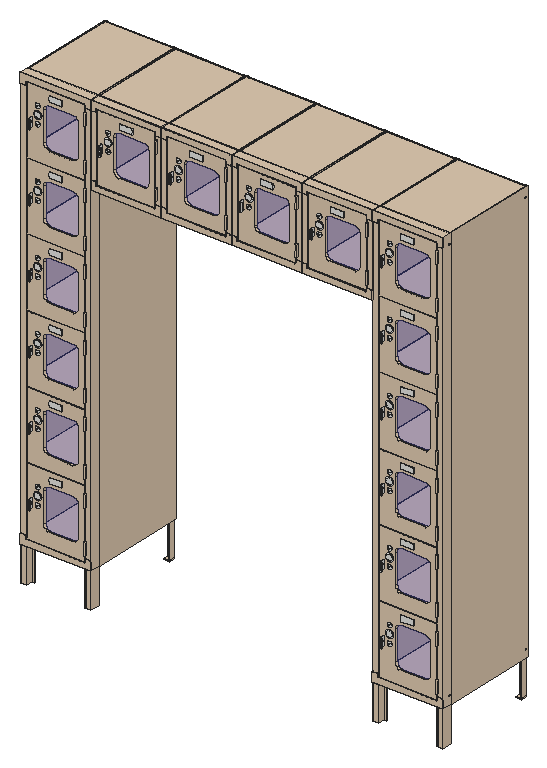
Revit family "Metal_Lockers-Salsbury_Industries-S_66000_Series-Bridge_Unit", category Specialty Equipment, Revit 2016 (continued)
Lines and regions (in)
  symbolic lines
    curve 35: line (-23.01333, -9.005, 77) -> (-13.00667, -9.005, 77)
    curve 36: line (-23.01333, -9.005, 65.24759) -> (-23.01333, -9.005, 77)
    curve 37: line (-13.00667, -9.005, 65.24759) -> (-23.01333, -9.005, 65.24759)
    curve 38: line (-13.00667, -9.005, 77) -> (-13.00667, -9.005, 65.24759)
    curve 39: line (-11.00667, -9.005, 77) -> (-1, -9.005, 77)
    curve 40: line (-11.00667, -9.005, 65.24759) -> (-11.00667, -9.005, 77)
    curve 41: line (-1, -9.005, 65.24759) -> (-11.00667, -9.005, 65.24759)
    curve 42: line (-1, -9.005, 77) -> (-1, -9.005, 65.24759)
    curve 43: line (1, -9.005, 77) -> (11.00667, -9.005, 77)
    curve 44: line (1, -9.005, 65.24759) -> (1, -9.005, 77)
    curve 45: line (11.00667, -9.005, 65.24759) -> (1, -9.005, 65.24759)
    curve 46: line (11.00667, -9.005, 77) -> (11.00667, -9.005, 65.24759)
    curve 47: line (13.00667, -9.005, 77) -> (23.01333, -9.005, 77)
    curve 48: line (13.00667, -9.005, 65.24759) -> (13.00667, -9.005, 77)
    curve 49: line (23.01333, -9.005, 65.24759) -> (13.00667, -9.005, 65.24759)
    curve 50: line (23.01333, -9.005, 77) -> (23.01333, -9.005, 65.24759)
    curve 51: line (-11.00667, -9.005, 65.83963) -> (-13.00667, -9.005, 65.83963)
    curve 52: line (-11.00667, -9.005, 76.40796) -> (-13.00667, -9.005, 76.40796)
    curve 53: line (1, -9.005, 76.40796) -> (-1, -9.005, 76.40796)
    curve 54: line (1, -9.005, 65.83963) -> (-1, -9.005, 65.83963)
    curve 55: line (13.00667, -9.005, 65.83963) -> (11.00667, -9.005, 65.83963)
    curve 56: line (13.00667, -9.005, 76.40796) -> (11.00667, -9.005, 76.40796)
    curve 57: line (24.01333, -9.005, 65.83963) -> (23.01333, -9.005, 65.83963)
    curve 58: line (25.01333, -9.005, 76.40796) -> (23.01333, -9.005, 76.40796)
    curve 59: line (25.01333, -9.005, 77) -> (35.02, -9.005, 77)
    curve 60: line (25.01333, -9.005, 7) -> (25.01333, -9.005, 77)
    curve 61: line (35.02, -9.005, 7) -> (25.01333, -9.005, 7)
    curve 62: line (35.02, -9.005, 77) -> (35.02, -9.005, 7)
    curve 63: line (36.02, -9.005, 7.59204) -> (35.02, -9.005, 7.59204)
    curve 64: line (36.02, -9.005, 76.40796) -> (35.02, -9.005, 76.40796)
    curve 65: line (24.01333, -9.005, 7.59204) -> (25.01333, -9.005, 7.59204)
    curve 66: line (-24.01333, -9.005, 60.68452) -> (24.01333, -9.005, 60.68452)
    curve 67: line (-24.01333, -9.005, 59.68447) -> (24.01333, -9.005, 59.68447)
    curve 68: line (36.02, -9.005, 78) -> (36.02, 9.005, 78)
    curve 69: line (36.02, -9.005, 6) -> (36.02, -9.005, 78)
    curve 70: line (36.02, 9.005, 6) -> (36.02, -9.005, 6)
    curve 71: line (36.02, 9.005, 78) -> (36.02, 9.005, 6)
    curve 72: line (-36.02, 9.005, 78) -> (36.02, 9.005, 78)
    curve 73: line (-36.02, -9.065, 78) -> (-36.02, 9.005, 78)
    curve 74: line (36.02, -9.065, 78) -> (-36.02, -9.065, 78)
    curve 75: line (36.02, 9.005, 78) -> (36.02, -9.065, 78)
    curve 76: line (-36.06, 8.45181, 78) -> (-36.06, 8.55819, 78)
    curve 77: line (-36.06, 8.55819, 78) -> (-36.02, 8.68902, 78)
    curve 78: line (-36.06, 8.45181, 78) -> (-36.02, 8.31231, 78)
    curve 79: line (-36.06, -7.80819, 78) -> (-36.06, -7.70181, 78)
    curve 80: line (-36.06, -7.80819, 78) -> (-36.02, -7.93902, 78)
    curve 81: line (-36.06, -7.70181, 78) -> (-36.02, -7.5691, 78)
    curve 82: line (36.06, -7.80819, 78) -> (36.06, -7.70181, 78)
    curve 83: line (36.06, -7.70181, 78) -> (36.02, -7.5699, 78)
    curve 84: line (36.06, -7.80819, 78) -> (36.02, -7.93902, 78)
    curve 85: line (36.06, 8.45181, 78) -> (36.06, 8.55819, 78)
    curve 86: line (36.06, 8.55819, 78) -> (36.02, 8.68902, 78)
    curve 87: line (36.06, 8.45181, 78) -> (36.02, 8.32098, 78)
    curve 88: line (-36.02, -7.417, 78) -> (36.02, -7.417, 78)
Dimensions and locks (in)
  equal spacing: plane 7 "Left Side of Unit", plane 3 "Center (Left/Right)", plane 8 "Right Side of Unit"
  "Width": plane 7 "Left Side of Unit" to plane 8 "Right Side of Unit"
  "Base Height": plane 5 "Bottom of Unit" to plane 4 "Floor"
  "Height": plane 6 "Top of Unit" to plane 5 "Bottom of Unit"
  "Unit Height including Base Only": plane 6 "Top of Unit" to plane 4 "Floor"
  equal spacing: plane 10 "Front of Unit", plane 1 "Center (Front/Back)", plane 9 "Back of Unit"
  "Depth": plane 10 "Front of Unit" to plane 9 "Back of Unit"
  "Sloping Hood Height": plane 11 "Top of Sloping Hood" to plane 6 "Top of Unit"
  "Overall Unit Height (including Base and Sloping Hood)": plane 11 "Top of Sloping Hood" to plane 4 "Floor"
  locked: plane 12 "Left Rivet" to plane 7 "Left Side of Unit" at 0.04
  locked: plane 8 "Right Side of Unit" to plane 13 "Right Rivet" at 0.04
  "Overall Width including Rivets": plane 12 "Left Rivet" to plane 13 "Right Rivet"
  plane 6 "Top of Unit" to plane 16 "Top of Door Opening" to plane 30 "Top of Door 1" = 1.000" locked, 0.09024"
  plane 31 "Bottom of Bottom Door" to plane 17 "Bottom of Door Opening" to plane 5 "Bottom of Unit" = 0.09027", 1.000" locked
  plane 7 "Left Side of Unit" to plane 15 "Left Side of Door Opening" to plane 28 "Left Side of Door" = 1.000" locked, 0.06971"
  plane 29 "Right Side of Door" to plane 14 "Right Side of Door Opening" to plane 8 "Right Side of Unit" = 0.06974", 1.000" locked
  plane 19 "Front Plate Plane" to plane 10 "Front of Unit" to plane 18 "Back Edge of Front Facing" = 0.060" locked, 1.588" locked
  "Unit Height including Sloping Hood Only": plane 11 "Top of Sloping Hood" to plane 5 "Bottom of Unit"
  locked: plane 20 "Horizontal Center of Top Rivets" to plane 6 "Top of Unit" at 1.5
  locked: plane 5 "Bottom of Unit" to plane 21 "Horiz Center of Bottom Rivets" at 1.5
  locked: plane 22 "Vertical Center of Back Rivets" to plane 9 "Back of Unit" at 0.5
  locked: plane 10 "Front of Unit" to plane 23 "Vertical Center of Front Rivets" at 1.25
  locked: plane 24 "Right Align Top Filler Overlap" to plane 13 "Right Rivet" at 0.625
  locked: plane 12 "Left Rivet" to plane 25 "Left Align Top Filler Overlap" at 0.625
  locked: plane 8 "Right Side of Unit" to plane 27 "Corner Filler Align-Right" at 0.06
  locked: plane 26 "Corner Filler Align-Left" to plane 7 "Left Side of Unit" at 0.06
  plane 37 to plane 36 = 0.063"
  plane 34 to plane 32 = 0.063"
  plane 35 to plane 33 = 0.063"
  plane 36 to plane 40 = 0.063"
  plane 33 to plane 39 = 0.063"
  plane 32 to plane 38 = 0.063"
  plane 7 "Left Side of Unit" to plane 41 = 0.351"
  plane 42 to plane 8 "Right Side of Unit" = 0.351"
  plane 45 to plane 44 to plane 43 = 0.063", 0.063"
  plane 48 to plane 47 to plane 46 = 0.063", 0.063"
  equal spacing: plane 30 "Top of Door 1", plane 47, plane 44, plane 36, plane 33, plane 32, plane 31 "Bottom of Bottom Door"
  plane 7 "Left Side of Unit" to plane 51 "Right Side of Unit 1" to plane 49 "Vertical Divider 1 and 2" to plane 3 "Center (Left/Right)" to plane 50 "Vertical Divider 2 and 3" to plane 52 "Left Side of Unit 2" to plane 8 "Right Side of Unit" = 12.00667", 12.00667", 12.00667", 12.00667", 12.00667", 12.00667"
  plane 54 to plane 53 = 0.070"
  plane 55 to plane 56 = 0.070"
  plane 57 to plane 58 = 0.070"
  plane 59 to plane 60 = 0.070"
  plane 6 "Top of Unit" to plane 48 to plane 62 "Bottom of Door Opening-Horiztonal" to plane 61 "Bottom of Horizontal Section" to plane 63 "Center or Coat Rod" = 12.66382", 0.08858", 1.000", 4.063"
  "Individual Door Width": plane 28 "Left Side of Door" to plane 64
  "Individual Door Height": plane 38 to plane 31 "Bottom of Bottom Door"
  locked: plane 69 "Compartment Align 1" to plane 62 "Bottom of Door Opening-Horiztonal" at 0.5
  locked: plane 65 "Compartment Align 2" to plane 44 at 0.5
  locked: plane 66 "Compartment Align 3" to plane 36 at 0.5
  locked: plane 67 "Compartment Align 4" to plane 33 at 0.5
  locked: plane 68 "Compartment Align 5" to plane 32 at 0.5
  plane 6 "Top of Unit" to plane 87 to plane 88 to plane 80 to plane 79 = 0.060" locked, 0.73501" locked, 0.20499" locked, 0.59204" locked
  plane 90 to plane 89 to plane 69 "Compartment Align 1" = 0.73501" locked, 0.060" locked
  plane 92 to plane 91 to plane 65 "Compartment Align 2" = 0.73501" locked, 0.060" locked
  plane 94 to plane 93 to plane 66 "Compartment Align 3" = 0.73501" locked, 0.060" locked
  plane 96 to plane 95 to plane 67 "Compartment Align 4" = 0.73501" locked, 0.060" locked
  plane 98 to plane 97 to plane 68 "Compartment Align 5" = 0.73501" locked, 0.060" locked
  plane 100 to plane 99 to plane 86 = 0.73501" locked, 0.0796" locked
  plane 138 to plane 139 to plane 5 "Bottom of Unit" = 0.59204", 1.000"
  plane 6 "Top of Unit" to plane 87 to plane 88 to nested 10 to plane 79 = 0.060", 0.73501", 0.15999", 0.63704"
  plane 85 to plane 86 to plane 5 "Bottom of Unit" = 0.59204", 1.000"
  plane 140 to plane 61 "Bottom of Horizontal Section" = 1.59204"
  plane 90 to plane 61 "Bottom of Horizontal Section" = 0.70499"
  plane 147 to plane 150 = 0.075"
  plane 142 to plane 151 = 0.075"
  plane 144 to plane 152 = 0.075"
  plane 146 to plane 153 = 0.075"
  plane 155 to plane 63 "Center or Coat Rod" to plane 156 = 0.49992", 0.50013"
  aligned and locked: level to plane 2
  aligned and locked: Extrusion 2 to plane 6 "Top of Unit"
  aligned and locked: Extrusion 3 to plane 6 "Top of Unit"
  aligned and locked: Extrusion 4 to plane 6 "Top of Unit"
  aligned and locked: Extrusion 9 to plane 10 "Front of Unit"
  aligned and locked: Extrusion 10 to plane 10 "Front of Unit"
  aligned and locked: Extrusion 6 to plane 17 "Bottom of Door Opening"
  aligned and locked: plane 4 "Floor" to nested 2
  aligned and locked: plane 5 "Bottom of Unit" to Extrusion 10
  aligned and locked: Blend 11 to plane 13 "Right Rivet"
  aligned and locked: plane 8 "Right Side of Unit" to Blend 11
  aligned and locked: Blend 16 to plane 7 "Left Side of Unit"
  aligned and locked: Blend 15 to plane 7 "Left Side of Unit"  (x2)
  aligned and locked: plane 12 "Left Rivet" to Blend 15
  aligned and locked: plane 12 "Left Rivet" to Blend 16
  aligned and locked: Blend 15 to plane 12 "Left Rivet"
  aligned and locked: Blend 18 to plane 7 "Left Side of Unit"
  aligned and locked: plane 12 "Left Rivet" to Blend 18
  aligned and locked: Blend 17 to plane 7 "Left Side of Unit"
  aligned and locked: plane 12 "Left Rivet" to Blend 17
  aligned and locked: plane 5 "Bottom of Unit" to nested 5
  aligned and locked: plane 13 "Right Rivet" to nested 5
  aligned and locked: plane 12 "Left Rivet" to nested 6
  aligned and locked: nested 6 to plane 10 "Front of Unit"
  aligned and locked: plane 13 "Right Rivet" to nested 7
  aligned and locked: plane 10 "Front of Unit" to nested 7
  aligned and locked: plane 12 "Left Rivet" to nested 8
  aligned and locked: plane 10 "Front of Unit" to nested 8
  aligned and locked: plane 6 "Top of Unit" to nested 8
  aligned and locked: plane 6 "Top of Unit" to nested 9
  aligned and locked: nested 9 to plane 19 "Front Plate Plane"
  aligned and locked: nested 9 to plane 24 "Right Align Top Filler Overlap"
  aligned and locked: nested 10 to plane 25 "Left Align Top Filler Overlap"
  aligned and locked: nested 10 to plane 19 "Front Plate Plane"
  aligned and locked: nested 5 to nested 10
  aligned and locked: plane 19 "Front Plate Plane" to nested 11
  aligned and locked: plane 6 "Top of Unit" to nested 11
  aligned and locked: nested 12 to plane 6 "Top of Unit"
  aligned and locked: plane 19 "Front Plate Plane" to nested 12
  aligned and locked: nested 13 to plane 24 "Right Align Top Filler Overlap"
  aligned and locked: nested 13 to plane 19 "Front Plate Plane"
  aligned and locked: plane 16 "Top of Door Opening" to nested 13
  aligned and locked: nested 14 to plane 16 "Top of Door Opening"
  aligned and locked: nested 14 to plane 25 "Left Align Top Filler Overlap"
  aligned and locked: plane 19 "Front Plate Plane" to nested 14
  aligned and locked: nested 6 to plane 6 "Top of Unit"
  aligned and locked: plane 10 "Front of Unit" to nested 5
  aligned and locked: plane 10 "Front of Unit" to nested 1
  aligned and locked: plane 10 "Front of Unit" to nested 2
  aligned and locked: plane 10 "Front of Unit" to nested 17
  aligned and locked: plane 10 "Front of Unit" to nested 18
  aligned and locked: plane 7 "Left Side of Unit" to nested 12
  aligned and locked: plane 8 "Right Side of Unit" to nested 11
  aligned and locked: nested 16 to curve 1
  aligned and locked: nested 15 to curve 1
  aligned and locked: nested 20 to plane 48
  aligned and locked: plane 10 "Front of Unit" to nested 19
  aligned and locked: plane 10 "Front of Unit" to nested 20
  aligned and locked: plane 10 "Front of Unit" to nested 27
  aligned and locked: plane 10 "Front of Unit" to nested 21
  aligned and locked: plane 10 "Front of Unit" to nested 28
  aligned and locked: plane 10 "Front of Unit" to nested 22
  aligned and locked: plane 10 "Front of Unit" to nested 29
  aligned and locked: plane 10 "Front of Unit" to nested 23
  aligned and locked: plane 10 "Front of Unit" to nested 30
  aligned and locked: plane 10 "Front of Unit" to nested 24
  aligned and locked: plane 10 "Front of Unit" to nested 31
  aligned and locked: plane 10 "Front of Unit" to nested 25
  aligned and locked: plane 10 "Front of Unit" to nested 32
  aligned and locked: plane 10 "Front of Unit" to nested 26
  aligned and locked: plane 28 "Left Side of Door" to nested 21
  aligned and locked: plane 28 "Left Side of Door" to nested 22
  aligned and locked: plane 28 "Left Side of Door" to nested 23
  aligned and locked: plane 28 "Left Side of Door" to nested 24
  aligned and locked: plane 28 "Left Side of Door" to nested 25
  aligned and locked: plane 28 "Left Side of Door" to nested 26
  aligned and locked: plane 29 "Right Side of Door" to nested 27
  aligned and locked: plane 29 "Right Side of Door" to nested 28
  aligned and locked: plane 29 "Right Side of Door" to nested 29
  aligned and locked: plane 29 "Right Side of Door" to nested 30
  aligned and locked: plane 29 "Right Side of Door" to nested 31
  aligned and locked: plane 29 "Right Side of Door" to nested 32
  aligned and locked: plane 8 "Right Side of Unit" to nested 15
  aligned and locked: nested 16 to plane 7 "Left Side of Unit"
  aligned and locked: nested 19 to plane 48
  aligned and locked: nested 18 to plane 48
  aligned and locked: nested 17 to plane 48
  aligned and locked: Sweep 47 sketch curve to Extrusion 46
  aligned and locked: Sweep 61 sketch curve to Extrusion 60
  aligned and locked: plane 6 "Top of Unit" to nested 35
  aligned and locked: plane 6 "Top of Unit" to nested 7
  aligned and locked: plane 10 "Front of Unit" to nested 33
  aligned and locked: Sweep 75 sketch curve to Extrusion 74
  aligned and locked: Sweep 77 sketch curve to Extrusion 76
  aligned and locked: Sweep 79 sketch curve to Extrusion 78
  aligned and locked: Sweep 83 sketch curve to Extrusion 82
  aligned and locked: Sweep 87 sketch curve to Extrusion 86
  aligned and locked: Sweep 91 sketch curve to Extrusion 90
  aligned and locked: plane 53 to nested 20
  aligned and locked: plane 56 to nested 19
  aligned and locked: plane 58 to nested 18
  aligned and locked: plane 60 to nested 17
  aligned and locked: plane 8 "Right Side of Unit" to Blend 14
  aligned and locked: Blend 14 to plane 13 "Right Rivet"
  aligned and locked: plane 4 "Floor" to nested 34
  aligned and locked: plane 52 "Left Side of Unit 2" to nested 34
  aligned and locked: plane 4 "Floor" to nested 1
  aligned and locked: plane 51 "Right Side of Unit 1" to nested 1
  aligned and locked: plane 10 "Front of Unit" to nested 34
  aligned and locked: plane 70 to Extrusion 36
  aligned and locked: plane 71 to Extrusion 39
  aligned and locked: plane 72 to Extrusion 39
  aligned and locked: Extrusion 34 to plane 9 "Back of Unit"
  aligned and locked: Extrusion 34 sketch curve to plane 9 "Back of Unit"
  aligned and locked: plane 70 to Extrusion 34 sketch curve
  aligned and locked: Extrusion 34 sketch curve to plane 18 "Back Edge of Front Facing"
  aligned and locked: plane 75 to Extrusion 34 sketch curve
  aligned and locked: Extrusion 34 sketch curve to plane 73
  aligned and locked: Extrusion 34 sketch curve to plane 8 "Right Side of Unit"
  aligned and locked: Extrusion 36 sketch curve to plane 71
  aligned and locked: Extrusion 36 sketch curve to plane 70
  aligned and locked: plane 72 to Extrusion 36 sketch curve
  aligned and locked: plane 73 to Extrusion 36 sketch curve
  aligned and locked: Extrusion 36 sketch curve to plane 74
  aligned and locked: Extrusion 36 sketch curve to plane 72
  aligned and locked: plane 77 to Extrusion 35 sketch curve
  aligned and locked: Extrusion 35 sketch curve to plane 78
  aligned and locked: Extrusion 35 sketch curve to plane 52 "Left Side of Unit 2"
  aligned and locked: plane 9 "Back of Unit" to Extrusion 35 sketch curve
  aligned and locked: Extrusion 35 sketch curve to plane 70
  aligned and locked: plane 18 "Back Edge of Front Facing" to Extrusion 35 sketch curve
  aligned and locked: plane 5 "Bottom of Unit" to Extrusion 34
  aligned and locked: Extrusion 34 to plane 6 "Top of Unit"
  aligned and locked: Extrusion 36 to plane 5 "Bottom of Unit"
  aligned and locked: Extrusion 36 to plane 6 "Top of Unit"
  aligned and locked: plane 5 "Bottom of Unit" to Extrusion 35
  aligned and locked: Extrusion 35 to plane 6 "Top of Unit"
  aligned and locked: Sweep 20 sketch curve to profile plane
  aligned and locked: profile plane to Sweep 20 sketch curve
  aligned and locked: plane 18 "Back Edge of Front Facing" to Sweep 20 sketch curve
  aligned and locked: Sweep 20 sketch curve to plane 16 "Top of Door Opening"
  aligned and locked: Sweep 20 sketch curve to plane 5 "Bottom of Unit"
  aligned and locked: Sweep 20 sketch curve to plane 52 "Left Side of Unit 2"
  aligned and locked: plane 8 "Right Side of Unit" to Sweep 20 sketch curve
  aligned and locked: plane 6 "Top of Unit" to Sweep 20 sketch curve
  aligned and locked: plane 6 "Top of Unit" to Extrusion 29 sketch curve
  aligned and locked: plane 80 to Extrusion 29 sketch curve
  aligned and locked: plane 79 to Extrusion 29 sketch curve
  aligned and locked: Extrusion 29 sketch curve to plane 81
  aligned and locked: plane 8 "Right Side of Unit" to Extrusion 29 sketch curve
  aligned and locked: Extrusion 29 sketch curve to plane 79
  aligned and locked: Extrusion 29 sketch curve to plane 82
  aligned and locked: plane 52 "Left Side of Unit 2" to Extrusion 29 sketch curve
  aligned and locked: Extrusion 29 to plane 10 "Front of Unit"
  aligned and locked: plane 19 "Front Plate Plane" to Extrusion 29
  aligned and locked: Extrusion 30 to plane 10 "Front of Unit"
  aligned and locked: plane 19 "Front Plate Plane" to Extrusion 30
  aligned and locked: plane 85 to Extrusion 30 sketch curve
  aligned and locked: plane 86 to Extrusion 30 sketch curve
  aligned and locked: plane 5 "Bottom of Unit" to Extrusion 30 sketch curve
  aligned and locked: Extrusion 30 sketch curve to plane 52 "Left Side of Unit 2"
  aligned and locked: plane 84 to Extrusion 30 sketch curve
  aligned and locked: plane 83 to Extrusion 30 sketch curve
  aligned and locked: Extrusion 30 sketch curve to plane 8 "Right Side of Unit"
  aligned and locked: plane 71 to Sweep 40 sketch curve
  aligned and locked: Sweep 40 sketch curve to plane 72  (x2)
  aligned and locked: Sweep 40 sketch curve to plane 18 "Back Edge of Front Facing"
  aligned and locked: Sweep 40 sketch curve to plane 78
  aligned and locked: Sweep 40 sketch curve to plane 76
  aligned and locked: plane 74 to Sweep 40 sketch curve
  aligned and locked: plane 73 to Sweep 40 sketch curve
  aligned and locked: plane 6 "Top of Unit" to Extrusion 39 sketch curve
  aligned and locked: plane 87 to Extrusion 39
  aligned and locked: plane 87 to Sweep 40 sketch curve
  aligned and locked: Sweep 40 sketch curve to plane 88
  aligned and locked: plane 76 to Sweep 40 sketch curve
  aligned and locked: profile plane to Sweep 40 sketch curve
  aligned and locked: plane 88 to Sweep 40
  aligned and locked: Sweep 40 to plane 87
  aligned and locked: Extrusion 39 to plane 6 "Top of Unit"
  aligned and locked: plane 78 to Extrusion 39 sketch curve
  aligned and locked: plane 76 to Extrusion 39 sketch curve
  aligned and locked: plane 72 to Extrusion 39 sketch curve  (x2)
  aligned and locked: Extrusion 39 sketch curve to plane 71
  aligned and locked: Extrusion 39 sketch curve to plane 74
  aligned and locked: Extrusion 39 sketch curve to plane 73
  aligned and locked: plane 18 "Back Edge of Front Facing" to Extrusion 39 sketch curve
  aligned and locked: Extrusion 76 sketch curve to plane 71
  aligned and locked: plane 76 to Extrusion 76 sketch curve
  aligned and locked: plane 72 to Extrusion 76 sketch curve  (x2)
  aligned and locked: plane 78 to Extrusion 76 sketch curve
  aligned and locked: plane 18 "Back Edge of Front Facing" to Extrusion 76 sketch curve
  aligned and locked: Extrusion 76 sketch curve to plane 73
  aligned and locked: Extrusion 76 sketch curve to plane 74
  aligned and locked: Extrusion 74 to plane 69 "Compartment Align 1"
  aligned and locked: plane 89 to Sweep 77
  aligned and locked: Extrusion 76 to plane 69 "Compartment Align 1"
  aligned and locked: plane 71 to Sweep 77 sketch curve
  aligned and locked: Sweep 77 sketch curve to plane 76
  aligned and locked: Sweep 77 sketch curve to plane 72  (x2)
  aligned and locked: Sweep 77 sketch curve to plane 78
  aligned and locked: Sweep 77 sketch curve to plane 18 "Back Edge of Front Facing"
  aligned and locked: plane 73 to Sweep 77 sketch curve
  aligned and locked: plane 74 to Sweep 77 sketch curve
  aligned and locked: Sweep 77 sketch curve to plane 69 "Compartment Align 1"
  aligned and locked: plane 90 to Sweep 77
  aligned and locked: Extrusion 80 sketch curve to plane 71
  aligned and locked: Extrusion 80 sketch curve to plane 74
  aligned and locked: plane 72 to Extrusion 80 sketch curve  (x2)
  aligned and locked: Extrusion 80 sketch curve to plane 73
  aligned and locked: plane 18 "Back Edge of Front Facing" to Extrusion 80 sketch curve
  aligned and locked: plane 78 to Extrusion 80 sketch curve
  aligned and locked: plane 76 to Extrusion 80 sketch curve
  aligned and locked: Extrusion 80 to plane 65 "Compartment Align 2"
  aligned and locked: plane 91 to Extrusion 80
  aligned and locked: plane 71 to Sweep 81 sketch curve
  aligned and locked: Sweep 81 sketch curve to plane 76
  aligned and locked: Sweep 81 sketch curve to plane 72  (x2)
  aligned and locked: Sweep 81 sketch curve to plane 78  (x2)
  aligned and locked: Sweep 81 sketch curve to plane 18 "Back Edge of Front Facing"
  aligned and locked: plane 73 to Sweep 81 sketch curve
  aligned and locked: plane 74 to Sweep 81 sketch curve
  aligned and locked: plane 91 to Sweep 81 sketch curve
  aligned and locked: Sweep 81 sketch curve to plane 92
  aligned and locked: plane 76 to Sweep 81 sketch curve
  aligned and locked: Extrusion 84 sketch curve to plane 71
  aligned and locked: Extrusion 84 sketch curve to plane 74
  aligned and locked: plane 72 to Extrusion 84 sketch curve  (x2)
  aligned and locked: Extrusion 84 sketch curve to plane 73
  aligned and locked: plane 18 "Back Edge of Front Facing" to Extrusion 84 sketch curve
  aligned and locked: plane 78 to Extrusion 84 sketch curve
  aligned and locked: plane 76 to Extrusion 84 sketch curve
  aligned and locked: Extrusion 84 to plane 66 "Compartment Align 3"
  aligned and locked: plane 93 to Extrusion 84
  aligned and locked: plane 71 to Sweep 85 sketch curve
  aligned and locked: Sweep 85 sketch curve to plane 76
  aligned and locked: Sweep 85 sketch curve to plane 72  (x2)
  aligned and locked: Sweep 85 sketch curve to plane 78  (x2)
  aligned and locked: Sweep 85 sketch curve to plane 18 "Back Edge of Front Facing"
  aligned and locked: plane 73 to Sweep 85 sketch curve
  aligned and locked: plane 74 to Sweep 85 sketch curve
  aligned and locked: plane 93 to Sweep 85 sketch curve
  aligned and locked: Sweep 85 sketch curve to plane 94
  aligned and locked: plane 76 to Sweep 85 sketch curve
  aligned and locked: Extrusion 88 sketch curve to plane 71
  aligned and locked: Extrusion 88 sketch curve to plane 74
  aligned and locked: plane 72 to Extrusion 88 sketch curve  (x2)
  aligned and locked: Extrusion 88 sketch curve to plane 73
  aligned and locked: plane 18 "Back Edge of Front Facing" to Extrusion 88 sketch curve
  aligned and locked: plane 78 to Extrusion 88 sketch curve
  aligned and locked: plane 76 to Extrusion 88 sketch curve
  aligned and locked: Extrusion 88 to plane 67 "Compartment Align 4"
  aligned and locked: plane 95 to Extrusion 88
  aligned and locked: plane 71 to Sweep 89 sketch curve
  aligned and locked: Sweep 89 sketch curve to plane 76
  aligned and locked: Sweep 89 sketch curve to plane 72  (x2)
  aligned and locked: Sweep 89 sketch curve to plane 78
  aligned and locked: Sweep 89 sketch curve to plane 18 "Back Edge of Front Facing"
  aligned and locked: plane 73 to Sweep 89 sketch curve
  aligned and locked: plane 74 to Sweep 89 sketch curve
  aligned and locked: plane 95 to Sweep 89 sketch curve
  aligned and locked: profile plane to Sweep 89 sketch curve
  aligned and locked: Sweep 89 sketch curve to plane 96
  aligned and locked: plane 76 to Sweep 89 sketch curve
  aligned and locked: Extrusion 92 sketch curve to plane 71
  aligned and locked: Extrusion 92 sketch curve to plane 74
  aligned and locked: plane 72 to Extrusion 92 sketch curve  (x2)
  aligned and locked: Extrusion 92 sketch curve to plane 73
  aligned and locked: plane 18 "Back Edge of Front Facing" to Extrusion 92 sketch curve
  aligned and locked: plane 78 to Extrusion 92 sketch curve
  aligned and locked: plane 76 to Extrusion 92 sketch curve
  aligned and locked: Extrusion 92 to plane 68 "Compartment Align 5"
  aligned and locked: plane 97 to Extrusion 92
  aligned and locked: plane 71 to Sweep 93 sketch curve
  aligned and locked: Sweep 93 sketch curve to plane 76
  aligned and locked: Sweep 93 sketch curve to plane 72  (x2)
  aligned and locked: Sweep 93 sketch curve to plane 78
  aligned and locked: Sweep 93 sketch curve to plane 18 "Back Edge of Front Facing"
  aligned and locked: plane 73 to Sweep 93 sketch curve
  aligned and locked: plane 74 to Sweep 93 sketch curve
  aligned and locked: profile plane to Sweep 93 sketch curve
  aligned and locked: Sweep 93 sketch curve to plane 98
  aligned and locked: plane 76 to Sweep 93 sketch curve
  aligned and locked: plane 97 to Sweep 93 sketch curve
  aligned and locked: Extrusion 38 sketch curve to plane 71
  aligned and locked: Extrusion 38 sketch curve to plane 74
  aligned and locked: plane 72 to Extrusion 38 sketch curve  (x2)
  aligned and locked: Extrusion 38 sketch curve to plane 73
  aligned and locked: plane 18 "Back Edge of Front Facing" to Extrusion 38 sketch curve
  aligned and locked: plane 78 to Extrusion 38 sketch curve
  aligned and locked: plane 76 to Extrusion 38 sketch curve
  aligned and locked: Extrusion 38 to plane 86
  aligned and locked: plane 99 to Extrusion 38
  aligned and locked: plane 71 to Sweep 37 sketch curve
  aligned and locked: plane 74 to Sweep 37 sketch curve
  aligned and locked: Sweep 37 sketch curve to plane 72  (x2)
  aligned and locked: plane 73 to Sweep 37 sketch curve
  aligned and locked: Sweep 37 sketch curve to plane 18 "Back Edge of Front Facing"
  aligned and locked: Sweep 37 sketch curve to plane 78
  aligned and locked: Sweep 37 sketch curve to plane 76
  aligned and locked: plane 99 to Sweep 37 sketch curve
  aligned and locked: profile plane to Sweep 37 sketch curve
  aligned and locked: Sweep 37 sketch curve to plane 100
  aligned and locked: plane 76 to Sweep 37 sketch curve
  aligned and locked: plane 20 "Horizontal Center of Top Rivets" to Blend 14
  aligned and locked: plane 20 "Horizontal Center of Top Rivets" to Blend 11
  aligned and locked: plane 21 "Horiz Center of Bottom Rivets" to Blend 13
  aligned and locked: Blend 13 to plane 13 "Right Rivet"
  aligned and locked: plane 8 "Right Side of Unit" to Blend 13
  aligned and locked: plane 21 "Horiz Center of Bottom Rivets" to Blend 12
  aligned and locked: Blend 12 to plane 13 "Right Rivet"
  aligned and locked: plane 8 "Right Side of Unit" to Blend 12
  aligned and locked: plane 63 "Center or Coat Rod" to Extrusion 71
  aligned and locked: plane 63 "Center or Coat Rod" to Extrusion 73
  aligned and locked: plane 63 "Center or Coat Rod" to Extrusion 70
  aligned and locked: plane 63 "Center or Coat Rod" to Extrusion 69
  aligned and locked: plane 63 "Center or Coat Rod" to Extrusion 72
  aligned and locked: plane 110 to Extrusion 71
  aligned and locked: plane 111 to Extrusion 70
  aligned and locked: Extrusion 71 to plane 52 "Left Side of Unit 2"
  aligned and locked: Extrusion 70 to plane 110
  aligned and locked: Extrusion 69 to plane 110
  aligned and locked: Extrusion 72 to plane 112
  aligned and locked: Extrusion 73 to plane 107
  aligned and locked: plane 51 "Right Side of Unit 1" to Extrusion 73
  aligned and locked: plane 107 to Extrusion 72
  aligned and locked: plane 51 "Right Side of Unit 1" to Extrusion 69
  aligned and locked: plane 104 to Extrusion 2 sketch curve
  aligned and locked: Extrusion 2 sketch curve to plane 51 "Right Side of Unit 1"
  aligned and locked: Extrusion 2 sketch curve to plane 105
  aligned and locked: Extrusion 2 sketch curve to plane 9 "Back of Unit"
  aligned and locked: plane 70 to Extrusion 2 sketch curve
  aligned and locked: Extrusion 2 sketch curve to plane 18 "Back Edge of Front Facing"
  aligned and locked: plane 5 "Bottom of Unit" to Extrusion 2
  aligned and locked: Extrusion 4 sketch curve to plane 70
  aligned and locked: Extrusion 4 sketch curve to plane 71
  aligned and locked: plane 72 to Extrusion 4 sketch curve
  aligned and locked: plane 105 to Extrusion 4 sketch curve
  aligned and locked: Extrusion 4 sketch curve to plane 106
  aligned and locked: Extrusion 4 sketch curve to plane 72
  aligned and locked: Extrusion 4 sketch curve to plane 102
  aligned and locked: plane 101 to Extrusion 4 sketch curve
  aligned and locked: plane 5 "Bottom of Unit" to Extrusion 4
  aligned and locked: plane 9 "Back of Unit" to Extrusion 3 sketch curve
  aligned and locked: Extrusion 3 sketch curve to plane 70
  aligned and locked: Extrusion 3 sketch curve to plane 18 "Back Edge of Front Facing"
  aligned and locked: Extrusion 3 sketch curve to plane 7 "Left Side of Unit"
  aligned and locked: Extrusion 3 sketch curve to plane 101
  aligned and locked: plane 103 to Extrusion 3 sketch curve
  aligned and locked: plane 5 "Bottom of Unit" to Extrusion 3
  aligned and locked: Sweep 1 sketch curve to plane 5 "Bottom of Unit"
  aligned and locked: plane 51 "Right Side of Unit 1" to Sweep 1 sketch curve
  aligned and locked: plane 6 "Top of Unit" to Sweep 1 sketch curve
  aligned and locked: Sweep 1 sketch curve to plane 7 "Left Side of Unit"
  aligned and locked: Sweep 1 sketch curve to profile plane
  aligned and locked: plane 18 "Back Edge of Front Facing" to Sweep 1 sketch curve
  aligned and locked: Sweep 1 sketch curve to plane 80
  aligned and locked: profile plane to Sweep 1 sketch curve
  aligned and locked: plane 6 "Top of Unit" to Extrusion 9 sketch curve
  aligned and locked: plane 7 "Left Side of Unit" to Extrusion 9 sketch curve
  aligned and locked: Extrusion 9 sketch curve to plane 79
  aligned and locked: plane 80 to Extrusion 9 sketch curve
  aligned and locked: plane 79 to Extrusion 9 sketch curve
  aligned and locked: plane 51 "Right Side of Unit 1" to Extrusion 9 sketch curve
  aligned and locked: plane 134 to Extrusion 9 sketch curve
  aligned and locked: plane 133 to Extrusion 9 sketch curve
  aligned and locked: Extrusion 9 to plane 19 "Front Plate Plane"
  aligned and locked: plane 5 "Bottom of Unit" to Extrusion 10 sketch curve
  aligned and locked: Extrusion 10 sketch curve to plane 7 "Left Side of Unit"
  aligned and locked: Extrusion 10 sketch curve to plane 138
  aligned and locked: plane 136 to Extrusion 10 sketch curve
  aligned and locked: Extrusion 10 sketch curve to plane 51 "Right Side of Unit 1"
  aligned and locked: plane 138 to Extrusion 10 sketch curve
  aligned and locked: plane 137 to Extrusion 10 sketch curve
  aligned and locked: plane 139 to Extrusion 10 sketch curve
  aligned and locked: Extrusion 10 to plane 19 "Front Plate Plane"
  aligned and locked: plane 20 "Horizontal Center of Top Rivets" to Blend 17
  aligned and locked: plane 21 "Horiz Center of Bottom Rivets" to Blend 15
  aligned and locked: plane 20 "Horizontal Center of Top Rivets" to Blend 18
  aligned and locked: plane 21 "Horiz Center of Bottom Rivets" to Blend 16
  aligned and locked: Extrusion 7 sketch curve to plane 71
  aligned and locked: plane 102 to Extrusion 7 sketch curve
  aligned and locked: plane 72 to Extrusion 7 sketch curve  (x2)
  aligned and locked: plane 101 to Extrusion 7 sketch curve
  aligned and locked: Extrusion 7 sketch curve to plane 18 "Back Edge of Front Facing"
  aligned and locked: Extrusion 7 sketch curve to plane 106
  aligned and locked: plane 87 to Extrusion 7
  aligned and locked: Extrusion 7 to plane 6 "Top of Unit"
  aligned and locked: plane 71 to Sweep 8 sketch curve
  aligned and locked: plane 106 to Sweep 8 sketch curve
  aligned and locked: Sweep 8 sketch curve to plane 72  (x2)
  aligned and locked: plane 105 to Sweep 8 sketch curve
  aligned and locked: Sweep 8 sketch curve to plane 18 "Back Edge of Front Facing"
  aligned and locked: Sweep 8 sketch curve to plane 101
  aligned and locked: Sweep 8 sketch curve to plane 102
  aligned and locked: plane 87 to Sweep 8 sketch curve
  aligned and locked: Sweep 8 sketch curve to plane 88
  aligned and locked: profile plane to Sweep 8 sketch curve
  aligned and locked: plane 102 to Sweep 8 sketch curve
  aligned and locked: Extrusion 74 sketch curve to plane 71
  aligned and locked: plane 102 to Extrusion 74 sketch curve
  aligned and locked: plane 72 to Extrusion 74 sketch curve  (x2)
  aligned and locked: plane 101 to Extrusion 74 sketch curve
  aligned and locked: Extrusion 74 sketch curve to plane 18 "Back Edge of Front Facing"
  aligned and locked: Extrusion 74 sketch curve to plane 105
  aligned and locked: Extrusion 74 sketch curve to plane 106
  aligned and locked: plane 89 to Extrusion 74
  aligned and locked: plane 71 to Sweep 75 sketch curve
  aligned and locked: plane 106 to Sweep 75 sketch curve
  aligned and locked: Sweep 75 sketch curve to plane 72  (x2)
  aligned and locked: plane 105 to Sweep 75 sketch curve
  aligned and locked: Sweep 75 sketch curve to plane 18 "Back Edge of Front Facing"
  aligned and locked: Sweep 75 sketch curve to plane 101  (x2)
  aligned and locked: Sweep 75 sketch curve to plane 102
  aligned and locked: plane 102 to Sweep 75 sketch curve
  aligned and locked: Sweep 75 sketch curve to plane 90
  aligned and locked: Extrusion 78 sketch curve to plane 71
  aligned and locked: plane 102 to Extrusion 78 sketch curve
  aligned and locked: plane 72 to Extrusion 78 sketch curve  (x2)
  aligned and locked: plane 101 to Extrusion 78 sketch curve
  aligned and locked: Extrusion 78 sketch curve to plane 18 "Back Edge of Front Facing"
  aligned and locked: Extrusion 78 sketch curve to plane 105
  aligned and locked: Extrusion 78 sketch curve to plane 106
  aligned and locked: plane 91 to Extrusion 78
  aligned and locked: Extrusion 78 to plane 65 "Compartment Align 2"
  aligned and locked: plane 71 to Sweep 79 sketch curve
  aligned and locked: plane 106 to Sweep 79 sketch curve
  aligned and locked: Sweep 79 sketch curve to plane 72  (x2)
  aligned and locked: plane 105 to Sweep 79 sketch curve
  aligned and locked: Sweep 79 sketch curve to plane 18 "Back Edge of Front Facing"
  aligned and locked: Sweep 79 sketch curve to plane 101  (x2)
  aligned and locked: Sweep 79 sketch curve to plane 102
  aligned and locked: Sweep 79 sketch curve to plane 92
  aligned and locked: plane 102 to Sweep 79 sketch curve
  aligned and locked: Extrusion 82 sketch curve to plane 71
  aligned and locked: plane 102 to Extrusion 82 sketch curve
  aligned and locked: plane 72 to Extrusion 82 sketch curve  (x2)
  aligned and locked: plane 101 to Extrusion 82 sketch curve
  aligned and locked: Extrusion 82 sketch curve to plane 18 "Back Edge of Front Facing"
  aligned and locked: Extrusion 82 sketch curve to plane 105
  aligned and locked: Extrusion 82 sketch curve to plane 106
  aligned and locked: plane 93 to Extrusion 82
  aligned and locked: Extrusion 82 to plane 66 "Compartment Align 3"
  aligned and locked: plane 71 to Sweep 83 sketch curve
  aligned and locked: plane 106 to Sweep 83 sketch curve
  aligned and locked: Sweep 83 sketch curve to plane 72  (x2)
  aligned and locked: plane 105 to Sweep 83 sketch curve
  aligned and locked: Sweep 83 sketch curve to plane 18 "Back Edge of Front Facing"
  aligned and locked: Sweep 83 sketch curve to plane 101  (x2)
  aligned and locked: Sweep 83 sketch curve to plane 102
  aligned and locked: Sweep 83 sketch curve to plane 94
  aligned and locked: plane 102 to Sweep 83 sketch curve
  aligned and locked: Extrusion 86 sketch curve to plane 71
  aligned and locked: plane 102 to Extrusion 86 sketch curve
  aligned and locked: plane 72 to Extrusion 86 sketch curve  (x2)
  aligned and locked: plane 101 to Extrusion 86 sketch curve
  aligned and locked: Extrusion 86 sketch curve to plane 18 "Back Edge of Front Facing"
  aligned and locked: Extrusion 86 sketch curve to plane 105
  aligned and locked: Extrusion 86 sketch curve to plane 106
  aligned and locked: plane 95 to Extrusion 86
  aligned and locked: Extrusion 86 to plane 67 "Compartment Align 4"
  aligned and locked: plane 71 to Sweep 87 sketch curve
  aligned and locked: plane 106 to Sweep 87 sketch curve
  aligned and locked: Sweep 87 sketch curve to plane 72  (x2)
  aligned and locked: plane 105 to Sweep 87 sketch curve
  aligned and locked: Sweep 87 sketch curve to plane 18 "Back Edge of Front Facing"
  aligned and locked: Sweep 87 sketch curve to plane 101  (x2)
  aligned and locked: Sweep 87 sketch curve to plane 102
  aligned and locked: Sweep 87 sketch curve to plane 96
  aligned and locked: plane 102 to Sweep 87 sketch curve
  aligned and locked: Extrusion 90 sketch curve to plane 71
  aligned and locked: plane 102 to Extrusion 90 sketch curve
  aligned and locked: plane 72 to Extrusion 90 sketch curve  (x2)
  aligned and locked: plane 101 to Extrusion 90 sketch curve
  aligned and locked: Extrusion 90 sketch curve to plane 18 "Back Edge of Front Facing"
  aligned and locked: Extrusion 90 sketch curve to plane 105
  aligned and locked: Extrusion 90 sketch curve to plane 106
  aligned and locked: plane 97 to Extrusion 90
  aligned and locked: Extrusion 90 to plane 68 "Compartment Align 5"
  aligned and locked: plane 71 to Sweep 91 sketch curve
  aligned and locked: plane 106 to Sweep 91 sketch curve
  aligned and locked: Sweep 91 sketch curve to plane 72  (x2)
  aligned and locked: plane 105 to Sweep 91 sketch curve
  aligned and locked: Sweep 91 sketch curve to plane 18 "Back Edge of Front Facing"
  aligned and locked: Sweep 91 sketch curve to plane 101  (x2)
  aligned and locked: Sweep 91 sketch curve to plane 102
  aligned and locked: Sweep 91 sketch curve to plane 98
  aligned and locked: plane 102 to Sweep 91 sketch curve
  aligned and locked: Extrusion 6 sketch curve to plane 71
  aligned and locked: plane 102 to Extrusion 6 sketch curve
  aligned and locked: plane 72 to Extrusion 6 sketch curve  (x2)
  aligned and locked: plane 101 to Extrusion 6 sketch curve
  aligned and locked: Extrusion 6 sketch curve to plane 18 "Back Edge of Front Facing"
  aligned and locked: Extrusion 6 sketch curve to plane 105
  aligned and locked: Extrusion 6 sketch curve to plane 106
  aligned and locked: plane 99 to Extrusion 6
  aligned and locked: plane 71 to Sweep 5 sketch curve
  aligned and locked: plane 106 to Sweep 5 sketch curve
  aligned and locked: Sweep 5 sketch curve to plane 72  (x2)
  aligned and locked: plane 105 to Sweep 5 sketch curve
  aligned and locked: Sweep 5 sketch curve to plane 18 "Back Edge of Front Facing"
  aligned and locked: Sweep 5 sketch curve to plane 101  (x2)
  aligned and locked: Sweep 5 sketch curve to plane 102
  aligned and locked: plane 99 to Sweep 5 sketch curve
  aligned and locked: Sweep 5 sketch curve to plane 100
  aligned and locked: plane 102 to Sweep 5 sketch curve
  aligned and locked: plane 6 "Top of Unit" to Extrusion 21 sketch curve
  aligned and locked: plane 49 "Vertical Divider 1 and 2" to Extrusion 21 sketch curve
  aligned and locked: plane 79 to Extrusion 21 sketch curve
  aligned and locked: plane 147 to Extrusion 21 sketch curve
  aligned and locked: plane 80 to Extrusion 21 sketch curve
  aligned and locked: plane 135 to Extrusion 21 sketch curve
  aligned and locked: Extrusion 21 sketch curve to plane 79
  aligned and locked: plane 51 "Right Side of Unit 1" to Extrusion 21 sketch curve
  aligned and locked: Extrusion 21 to plane 10 "Front of Unit"
  aligned and locked: plane 19 "Front Plate Plane" to Extrusion 21
  aligned and locked: Extrusion 22 sketch curve to plane 61 "Bottom of Horizontal Section"
  aligned and locked: Extrusion 22 sketch curve to plane 51 "Right Side of Unit 1"
  aligned and locked: Extrusion 22 sketch curve to plane 140
  aligned and locked: Extrusion 22 sketch curve to plane 135
  aligned and locked: Extrusion 22 sketch curve to plane 62 "Bottom of Door Opening-Horiztonal"
  aligned and locked: Extrusion 22 sketch curve to plane 147
  aligned and locked: plane 140 to Extrusion 22 sketch curve
  aligned and locked: Extrusion 22 sketch curve to plane 49 "Vertical Divider 1 and 2"
  aligned and locked: Extrusion 22 to plane 10 "Front of Unit"
  aligned and locked: plane 19 "Front Plate Plane" to Extrusion 22
  aligned and locked: plane 6 "Top of Unit" to Extrusion 23 sketch curve
  aligned and locked: plane 49 "Vertical Divider 1 and 2" to Extrusion 23 sketch curve
  aligned and locked: Extrusion 23 sketch curve to plane 79
  aligned and locked: plane 141 to Extrusion 23 sketch curve
  aligned and locked: plane 80 to Extrusion 23 sketch curve
  aligned and locked: plane 142 to Extrusion 23 sketch curve
  aligned and locked: plane 79 to Extrusion 23 sketch curve
  aligned and locked: Extrusion 23 sketch curve to plane 3 "Center (Left/Right)"
  aligned and locked: Extrusion 23 to plane 10 "Front of Unit"
  aligned and locked: plane 19 "Front Plate Plane" to Extrusion 23
  aligned and locked: Extrusion 24 sketch curve to plane 61 "Bottom of Horizontal Section"
  aligned and locked: Extrusion 24 sketch curve to plane 49 "Vertical Divider 1 and 2"
  aligned and locked: Extrusion 24 sketch curve to plane 140
  aligned and locked: Extrusion 24 sketch curve to plane 141
  aligned and locked: Extrusion 24 sketch curve to plane 62 "Bottom of Door Opening-Horiztonal"
  aligned and locked: Extrusion 24 sketch curve to plane 142
  aligned and locked: plane 140 to Extrusion 24 sketch curve
  aligned and locked: plane 3 "Center (Left/Right)" to Extrusion 24 sketch curve
  aligned and locked: Extrusion 24 to plane 10 "Front of Unit"
  aligned and locked: plane 19 "Front Plate Plane" to Extrusion 24
  aligned and locked: plane 6 "Top of Unit" to Extrusion 25 sketch curve
  aligned and locked: Extrusion 25 sketch curve to plane 3 "Center (Left/Right)"
  aligned and locked: Extrusion 25 sketch curve to plane 79
  aligned and locked: plane 143 to Extrusion 25 sketch curve
  aligned and locked: plane 80 to Extrusion 25 sketch curve
  aligned and locked: plane 144 to Extrusion 25 sketch curve
  aligned and locked: plane 79 to Extrusion 25 sketch curve
  aligned and locked: plane 50 "Vertical Divider 2 and 3" to Extrusion 25 sketch curve
  aligned and locked: Extrusion 25 to plane 10 "Front of Unit"
  aligned and locked: plane 19 "Front Plate Plane" to Extrusion 25
  aligned and locked: Extrusion 26 sketch curve to plane 61 "Bottom of Horizontal Section"
  aligned and locked: plane 3 "Center (Left/Right)" to Extrusion 26 sketch curve
  aligned and locked: Extrusion 26 sketch curve to plane 140
  aligned and locked: Extrusion 26 sketch curve to plane 143
  aligned and locked: Extrusion 26 sketch curve to plane 62 "Bottom of Door Opening-Horiztonal"
  aligned and locked: Extrusion 26 sketch curve to plane 144
  aligned and locked: plane 140 to Extrusion 26 sketch curve
  aligned and locked: Extrusion 26 sketch curve to plane 50 "Vertical Divider 2 and 3"
  aligned and locked: Extrusion 26 to plane 10 "Front of Unit"
  aligned and locked: plane 19 "Front Plate Plane" to Extrusion 26
  aligned and locked: plane 6 "Top of Unit" to Extrusion 27 sketch curve
  aligned and locked: plane 50 "Vertical Divider 2 and 3" to Extrusion 27 sketch curve
  aligned and locked: Extrusion 27 sketch curve to plane 79
  aligned and locked: plane 145 to Extrusion 27 sketch curve
  aligned and locked: plane 80 to Extrusion 27 sketch curve
  aligned and locked: plane 146 to Extrusion 27 sketch curve
  aligned and locked: plane 79 to Extrusion 27 sketch curve
  aligned and locked: plane 52 "Left Side of Unit 2" to Extrusion 27 sketch curve
  aligned and locked: Extrusion 27 to plane 10 "Front of Unit"
  aligned and locked: plane 19 "Front Plate Plane" to Extrusion 27
  aligned and locked: Extrusion 28 sketch curve to plane 61 "Bottom of Horizontal Section"
  aligned and locked: Extrusion 28 sketch curve to plane 50 "Vertical Divider 2 and 3"
  aligned and locked: Extrusion 28 sketch curve to plane 140
  aligned and locked: Extrusion 28 sketch curve to plane 145
  aligned and locked: Extrusion 28 sketch curve to plane 62 "Bottom of Door Opening-Horiztonal"
  aligned and locked: Extrusion 28 sketch curve to plane 146
  aligned and locked: plane 140 to Extrusion 28 sketch curve
  aligned and locked: Extrusion 28 sketch curve to plane 52 "Left Side of Unit 2"
  aligned and locked: Extrusion 28 to plane 10 "Front of Unit"
  aligned and locked: plane 19 "Front Plate Plane" to Extrusion 28
  aligned and locked: plane 6 "Top of Unit" to Sweep 19 sketch curve  (x2)
  aligned and locked: Sweep 19 sketch curve to plane 51 "Right Side of Unit 1"
  aligned and locked: plane 61 "Bottom of Horizontal Section" to Sweep 19 sketch curve
  aligned and locked: plane 49 "Vertical Divider 1 and 2" to Sweep 19 sketch curve
  aligned and locked: plane 18 "Back Edge of Front Facing" to Sweep 19 sketch curve
  aligned and locked: Sweep 19 sketch curve to plane 80
  aligned and locked: Sweep 19 sketch curve to plane 10 "Front of Unit"
  aligned and locked: plane 6 "Top of Unit" to Sweep 31 sketch curve  (x2)
  aligned and locked: plane 18 "Back Edge of Front Facing" to Sweep 31 sketch curve
  aligned and locked: Sweep 31 sketch curve to plane 80
  aligned and locked: Sweep 31 sketch curve to plane 10 "Front of Unit"
  aligned and locked: Sweep 31 sketch curve to plane 49 "Vertical Divider 1 and 2"
  aligned and locked: plane 61 "Bottom of Horizontal Section" to Sweep 31 sketch curve
  aligned and locked: Sweep 31 sketch curve to plane 3 "Center (Left/Right)"
  aligned and locked: plane 6 "Top of Unit" to Sweep 32 sketch curve  (x2)
  aligned and locked: plane 3 "Center (Left/Right)" to Sweep 32 sketch curve
  aligned and locked: plane 61 "Bottom of Horizontal Section" to Sweep 32 sketch curve
  aligned and locked: plane 50 "Vertical Divider 2 and 3" to Sweep 32 sketch curve
  aligned and locked: plane 18 "Back Edge of Front Facing" to Sweep 32 sketch curve
  aligned and locked: Sweep 32 sketch curve to plane 80
  aligned and locked: Sweep 32 sketch curve to plane 10 "Front of Unit"
  aligned and locked: plane 6 "Top of Unit" to Sweep 33 sketch curve  (x2)
  aligned and locked: plane 18 "Back Edge of Front Facing" to Sweep 33 sketch curve
  aligned and locked: Sweep 33 sketch curve to plane 80
  aligned and locked: Sweep 33 sketch curve to plane 10 "Front of Unit"
  aligned and locked: plane 61 "Bottom of Horizontal Section" to Sweep 33 sketch curve
  aligned and locked: Sweep 33 sketch curve to plane 50 "Vertical Divider 2 and 3"
  aligned and locked: plane 52 "Left Side of Unit 2" to Sweep 33 sketch curve
  aligned and locked: Extrusion 62 sketch curve to plane 9 "Back of Unit"
  aligned and locked: plane 70 to Extrusion 62 sketch curve
  aligned and locked: Extrusion 62 sketch curve to plane 18 "Back Edge of Front Facing"
  aligned and locked: plane 132 to Extrusion 62 sketch curve
  aligned and locked: Extrusion 62 sketch curve to plane 110
  aligned and locked: Extrusion 62 sketch curve to plane 52 "Left Side of Unit 2"
  aligned and locked: Extrusion 62 to plane 61 "Bottom of Horizontal Section"
  aligned and locked: Extrusion 62 to plane 6 "Top of Unit"
  aligned and locked: plane 130 to Extrusion 63 sketch curve
  aligned and locked: Extrusion 63 sketch curve to plane 128
  aligned and locked: Extrusion 63 sketch curve to plane 50 "Vertical Divider 2 and 3"
  aligned and locked: plane 9 "Back of Unit" to Extrusion 63 sketch curve
  aligned and locked: Extrusion 63 sketch curve to plane 70
  aligned and locked: plane 18 "Back Edge of Front Facing" to Extrusion 63 sketch curve
  aligned and locked: Extrusion 63 to plane 6 "Top of Unit"
  aligned and locked: Extrusion 63 to plane 61 "Bottom of Horizontal Section"
  aligned and locked: Extrusion 55 sketch curve to plane 18 "Back Edge of Front Facing"
  aligned and locked: plane 70 to Extrusion 55 sketch curve
  aligned and locked: Extrusion 55 sketch curve to plane 9 "Back of Unit"
  aligned and locked: Extrusion 55 sketch curve to plane 50 "Vertical Divider 2 and 3"
  aligned and locked: Extrusion 55 sketch curve to plane 125
  aligned and locked: plane 127 to Extrusion 55 sketch curve
  aligned and locked: Extrusion 55 to plane 61 "Bottom of Horizontal Section"
  aligned and locked: plane 18 "Back Edge of Front Facing" to Extrusion 56 sketch curve
  aligned and locked: Extrusion 56 sketch curve to plane 70
  aligned and locked: plane 9 "Back of Unit" to Extrusion 56 sketch curve
  aligned and locked: plane 124 to Extrusion 56 sketch curve
  aligned and locked: Extrusion 56 sketch curve to plane 122
  aligned and locked: plane 3 "Center (Left/Right)" to Extrusion 56 sketch curve
  aligned and locked: Extrusion 56 to plane 6 "Top of Unit"
  aligned and locked: Extrusion 56 to plane 61 "Bottom of Horizontal Section"
  aligned and locked: plane 121 to Extrusion 41 sketch curve
  aligned and locked: Extrusion 41 sketch curve to plane 119
  aligned and locked: plane 3 "Center (Left/Right)" to Extrusion 41 sketch curve
  aligned and locked: Extrusion 41 sketch curve to plane 9 "Back of Unit"
  aligned and locked: plane 70 to Extrusion 41 sketch curve
  aligned and locked: Extrusion 41 sketch curve to plane 18 "Back Edge of Front Facing"
  aligned and locked: Extrusion 41 to plane 61 "Bottom of Horizontal Section"
  aligned and locked: Extrusion 41 to plane 6 "Top of Unit"
  aligned and locked: plane 118 to Extrusion 42 sketch curve
  aligned and locked: Extrusion 42 sketch curve to plane 116
  aligned and locked: Extrusion 42 sketch curve to plane 49 "Vertical Divider 1 and 2"
  aligned and locked: plane 9 "Back of Unit" to Extrusion 42 sketch curve
  aligned and locked: Extrusion 42 sketch curve to plane 70
  aligned and locked: plane 18 "Back Edge of Front Facing" to Extrusion 42 sketch curve
  aligned and locked: Extrusion 42 to plane 6 "Top of Unit"
  aligned and locked: Extrusion 42 to plane 61 "Bottom of Horizontal Section"
  aligned and locked: Extrusion 48 sketch curve to plane 18 "Back Edge of Front Facing"
  aligned and locked: plane 70 to Extrusion 48 sketch curve
  aligned and locked: Extrusion 48 sketch curve to plane 9 "Back of Unit"
  aligned and locked: plane 115 to Extrusion 48 sketch curve
  aligned and locked: Extrusion 48 sketch curve to plane 113
  aligned and locked: Extrusion 48 sketch curve to plane 49 "Vertical Divider 1 and 2"
  aligned and locked: Extrusion 48 to plane 61 "Bottom of Horizontal Section"
  aligned and locked: Extrusion 48 to plane 6 "Top of Unit"
  aligned and locked: plane 109 to Extrusion 49 sketch curve
  aligned and locked: Extrusion 49 sketch curve to plane 107
  aligned and locked: Extrusion 49 sketch curve to plane 51 "Right Side of Unit 1"
  aligned and locked: plane 9 "Back of Unit" to Extrusion 49 sketch curve
  aligned and locked: Extrusion 49 sketch curve to plane 70
  aligned and locked: plane 18 "Back Edge of Front Facing" to Extrusion 49 sketch curve
  aligned and locked: Extrusion 49 to plane 6 "Top of Unit"
  aligned and locked: Extrusion 49 to plane 61 "Bottom of Horizontal Section"
  aligned and locked: Extrusion 64 sketch curve to plane 70
  aligned and locked: plane 128 to Extrusion 64 sketch curve
  aligned and locked: Extrusion 64 sketch curve to plane 72
  aligned and locked: Extrusion 64 sketch curve to plane 129
  aligned and locked: Extrusion 64 sketch curve to plane 71
  aligned and locked: Extrusion 64 sketch curve to plane 131
  aligned and locked: plane 72 to Extrusion 64 sketch curve
  aligned and locked: plane 110 to Extrusion 64 sketch curve
  aligned and locked: Extrusion 64 to plane 61 "Bottom of Horizontal Section"
  aligned and locked: Extrusion 64 to plane 6 "Top of Unit"
  aligned and locked: Extrusion 57 sketch curve to plane 70
  aligned and locked: plane 125 to Extrusion 57 sketch curve
  aligned and locked: plane 72 to Extrusion 57 sketch curve
  aligned and locked: Extrusion 57 sketch curve to plane 126
  aligned and locked: Extrusion 57 sketch curve to plane 71
  aligned and locked: Extrusion 57 sketch curve to plane 123
  aligned and locked: Extrusion 57 sketch curve to plane 72
  aligned and locked: plane 122 to Extrusion 57 sketch curve
  aligned and locked: Extrusion 57 to plane 61 "Bottom of Horizontal Section"
  aligned and locked: Extrusion 57 to plane 6 "Top of Unit"
  aligned and locked: Extrusion 43 sketch curve to plane 70
  aligned and locked: plane 119 to Extrusion 43 sketch curve
  aligned and locked: plane 72 to Extrusion 43 sketch curve
  aligned and locked: Extrusion 43 sketch curve to plane 120
  aligned and locked: Extrusion 43 sketch curve to plane 71
  aligned and locked: Extrusion 43 sketch curve to plane 117
  aligned and locked: Extrusion 43 sketch curve to plane 72
  aligned and locked: plane 116 to Extrusion 43 sketch curve
  aligned and locked: Extrusion 43 to plane 61 "Bottom of Horizontal Section"
  aligned and locked: Extrusion 43 to plane 6 "Top of Unit"
  aligned and locked: Extrusion 50 sketch curve to plane 70
  aligned and locked: plane 113 to Extrusion 50 sketch curve
  aligned and locked: plane 72 to Extrusion 50 sketch curve
  aligned and locked: Extrusion 50 sketch curve to plane 114
  aligned and locked: Extrusion 50 sketch curve to plane 71
  aligned and locked: Extrusion 50 sketch curve to plane 108
  aligned and locked: Extrusion 50 sketch curve to plane 72
  aligned and locked: plane 107 to Extrusion 50 sketch curve
  aligned and locked: Extrusion 50 to plane 61 "Bottom of Horizontal Section"
  aligned and locked: Extrusion 50 to plane 6 "Top of Unit"
  aligned and locked: Extrusion 67 sketch curve to plane 71
  aligned and locked: plane 129 to Extrusion 67 sketch curve
  aligned and locked: plane 72 to Extrusion 67 sketch curve  (x2)
  aligned and locked: plane 128 to Extrusion 67 sketch curve
  aligned and locked: plane 18 "Back Edge of Front Facing" to Extrusion 67 sketch curve
  aligned and locked: Extrusion 67 sketch curve to plane 110
  aligned and locked: Extrusion 67 sketch curve to plane 131
  aligned and locked: plane 87 to Extrusion 67
  aligned and locked: Extrusion 67 to plane 6 "Top of Unit"
  aligned and locked: plane 71 to Sweep 68 sketch curve
  aligned and locked: Sweep 68 sketch curve to plane 129
  aligned and locked: Sweep 68 sketch curve to plane 72  (x2)
  aligned and locked: Sweep 68 sketch curve to plane 128  (x2)
  aligned and locked: Sweep 68 sketch curve to plane 18 "Back Edge of Front Facing"
  aligned and locked: plane 110 to Sweep 68 sketch curve
  aligned and locked: plane 131 to Sweep 68 sketch curve
  aligned and locked: plane 87 to Sweep 68 sketch curve
  aligned and locked: Sweep 68 sketch curve to plane 88
  aligned and locked: plane 129 to Sweep 68 sketch curve
  aligned and locked: Extrusion 66 sketch curve to plane 71
  aligned and locked: Extrusion 66 sketch curve to plane 131
  aligned and locked: plane 72 to Extrusion 66 sketch curve  (x2)
  aligned and locked: Extrusion 66 sketch curve to plane 110
  aligned and locked: plane 18 "Back Edge of Front Facing" to Extrusion 66 sketch curve
  aligned and locked: plane 128 to Extrusion 66 sketch curve
  aligned and locked: plane 129 to Extrusion 66 sketch curve
  aligned and locked: plane 62 "Bottom of Door Opening-Horiztonal" to Extrusion 66
  aligned and locked: plane 148 to Extrusion 66
  aligned and locked: plane 71 to Sweep 65 sketch curve
  aligned and locked: Sweep 65 sketch curve to plane 129
  aligned and locked: Sweep 65 sketch curve to plane 72  (x2)
  aligned and locked: Sweep 65 sketch curve to plane 128  (x2)
  aligned and locked: Sweep 65 sketch curve to plane 18 "Back Edge of Front Facing"
  aligned and locked: plane 110 to Sweep 65 sketch curve
  aligned and locked: plane 131 to Sweep 65 sketch curve
  aligned and locked: plane 148 to Sweep 65 sketch curve
  aligned and locked: plane 129 to Sweep 65 sketch curve
  aligned and locked: Sweep 65 sketch curve to plane 149
  aligned and locked: Extrusion 60 sketch curve to plane 71
  aligned and locked: Extrusion 60 sketch curve to plane 126
  aligned and locked: plane 72 to Extrusion 60 sketch curve  (x2)
  aligned and locked: Extrusion 60 sketch curve to plane 125
  aligned and locked: plane 18 "Back Edge of Front Facing" to Extrusion 60 sketch curve
  aligned and locked: plane 122 to Extrusion 60 sketch curve
  aligned and locked: plane 123 to Extrusion 60 sketch curve
  aligned and locked: plane 87 to Extrusion 60
  aligned and locked: Extrusion 60 to plane 6 "Top of Unit"
  aligned and locked: plane 71 to Sweep 61 sketch curve
  aligned and locked: Sweep 61 sketch curve to plane 123
  aligned and locked: Sweep 61 sketch curve to plane 72  (x2)
  aligned and locked: Sweep 61 sketch curve to plane 122  (x2)
  aligned and locked: Sweep 61 sketch curve to plane 18 "Back Edge of Front Facing"
  aligned and locked: plane 125 to Sweep 61 sketch curve
  aligned and locked: plane 126 to Sweep 61 sketch curve
  aligned and locked: Sweep 61 sketch curve to plane 88
  aligned and locked: plane 123 to Sweep 61 sketch curve
  aligned and locked: Extrusion 59 sketch curve to plane 71
  aligned and locked: Extrusion 59 sketch curve to plane 126
  aligned and locked: plane 72 to Extrusion 59 sketch curve  (x2)
  aligned and locked: Extrusion 59 sketch curve to plane 125
  aligned and locked: plane 18 "Back Edge of Front Facing" to Extrusion 59 sketch curve
  aligned and locked: plane 122 to Extrusion 59 sketch curve
  aligned and locked: plane 123 to Extrusion 59 sketch curve
  aligned and locked: plane 62 "Bottom of Door Opening-Horiztonal" to Extrusion 59
  aligned and locked: plane 148 to Extrusion 59
  aligned and locked: plane 71 to Sweep 58 sketch curve
  aligned and locked: Sweep 58 sketch curve to plane 123
  aligned and locked: Sweep 58 sketch curve to plane 72  (x2)
  aligned and locked: Sweep 58 sketch curve to plane 122  (x2)
  aligned and locked: Sweep 58 sketch curve to plane 18 "Back Edge of Front Facing"
  aligned and locked: plane 125 to Sweep 58 sketch curve
  aligned and locked: plane 126 to Sweep 58 sketch curve
  aligned and locked: plane 148 to Sweep 58 sketch curve
  aligned and locked: Sweep 58 sketch curve to plane 149
  aligned and locked: plane 123 to Sweep 58 sketch curve
  aligned and locked: Extrusion 46 sketch curve to plane 71
  aligned and locked: Extrusion 46 sketch curve to plane 120
  aligned and locked: plane 72 to Extrusion 46 sketch curve  (x2)
  aligned and locked: Extrusion 46 sketch curve to plane 119
  aligned and locked: plane 18 "Back Edge of Front Facing" to Extrusion 46 sketch curve
  aligned and locked: plane 116 to Extrusion 46 sketch curve
  aligned and locked: plane 117 to Extrusion 46 sketch curve
  aligned and locked: plane 87 to Extrusion 46
  aligned and locked: Extrusion 46 to plane 6 "Top of Unit"
  aligned and locked: plane 71 to Sweep 47 sketch curve
  aligned and locked: Sweep 47 sketch curve to plane 117
  aligned and locked: Sweep 47 sketch curve to plane 72  (x2)
  aligned and locked: Sweep 47 sketch curve to plane 116  (x2)
  aligned and locked: Sweep 47 sketch curve to plane 18 "Back Edge of Front Facing"
  aligned and locked: plane 119 to Sweep 47 sketch curve
  aligned and locked: plane 120 to Sweep 47 sketch curve
  aligned and locked: Sweep 47 sketch curve to plane 88
  aligned and locked: plane 117 to Sweep 47 sketch curve
  aligned and locked: Extrusion 53 sketch curve to plane 71
  aligned and locked: Extrusion 53 sketch curve to plane 114
  aligned and locked: plane 72 to Extrusion 53 sketch curve  (x2)
  aligned and locked: Extrusion 53 sketch curve to plane 113
  aligned and locked: plane 18 "Back Edge of Front Facing" to Extrusion 53 sketch curve
  aligned and locked: plane 107 to Extrusion 53 sketch curve
  aligned and locked: plane 108 to Extrusion 53 sketch curve
  aligned and locked: plane 87 to Extrusion 53
  aligned and locked: Extrusion 53 to plane 6 "Top of Unit"
  aligned and locked: plane 71 to Sweep 54 sketch curve
  aligned and locked: Sweep 54 sketch curve to plane 108
  aligned and locked: Sweep 54 sketch curve to plane 72  (x2)
  aligned and locked: Sweep 54 sketch curve to plane 107  (x2)
  aligned and locked: Sweep 54 sketch curve to plane 18 "Back Edge of Front Facing"
  aligned and locked: plane 113 to Sweep 54 sketch curve
  aligned and locked: plane 114 to Sweep 54 sketch curve
  aligned and locked: plane 87 to Sweep 54 sketch curve
  aligned and locked: Sweep 54 sketch curve to plane 88
  aligned and locked: plane 108 to Sweep 54 sketch curve
  aligned and locked: Extrusion 45 sketch curve to plane 71
  aligned and locked: plane 116 to Extrusion 45 sketch curve
  aligned and locked: plane 117 to Extrusion 45 sketch curve
  aligned and locked: plane 72 to Extrusion 45 sketch curve  (x2)
  aligned and locked: plane 18 "Back Edge of Front Facing" to Extrusion 45 sketch curve
  aligned and locked: Extrusion 45 sketch curve to plane 119
  aligned and locked: Extrusion 45 sketch curve to plane 120
  aligned and locked: plane 148 to Extrusion 45
  aligned and locked: plane 62 "Bottom of Door Opening-Horiztonal" to Extrusion 45
  aligned and locked: plane 71 to Sweep 44 sketch curve
